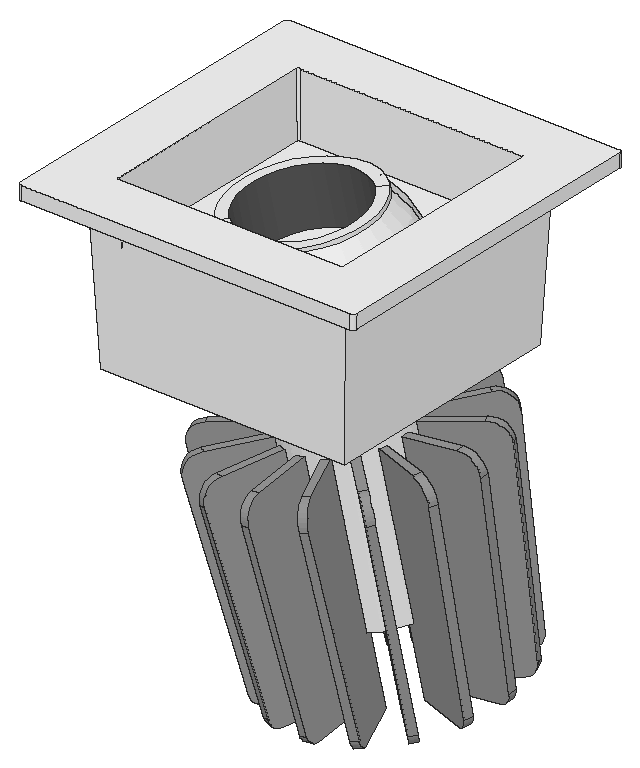
Revit family "2056224 Sylvania Lighting Fixture MYD ADJ SQ WHT 3K PHDIM WHT BEZ", category Lighting Fixtures, host Face, Revit 2016
Family settings
  Host = Face
  Part Type = Normal
  Round Connector Dimension = Use Diameter
  OmniClass Number = 23.80.70.00
  OmniClass Title = Lighting
  Cut with Voids When Loaded = Yes
  Light Source = No
  Shared = No
  Room Calculation Point = No
Parameters (values of type "2056224 MYD ADJ SQ WHT 3K PHDIM WHT BEZ")
  WidthCutOut_SYL = 72 mm
  Width_SYL = 86 mm
  WidthBezel_SYL = 7 mm
  Weight = "0.38 kg"
  Wattage Comments = "n/a"
  WarrantyStartDate [instance] = "n/a"
  WarrantyGuarantorParts = "n/a"
  WarrantyDurationUnit = "n/a"
  WarrantyDurationParts = "n/a"
  WarrantyDescription = "n/a"
  Voltage = 0 V
  VerticalTiltStart_FEILO [instance] = VerticalTilt_FEILO + 90.00°  # 135.00°
  VerticalTilt_FEILO [instance] = 45.00°
  URL = "http://www.sylvania-lighting.com"
  TypeName = "MYD ADJ SQ WHT 3K PHDIM WHT BEZ"
  TypeLamp_SYL = Myriad Adjustable Square Lamp : 2056224 MYD ADJ SQ WHT 3K PHDIM WHT BEZ
  Type Image = <None>
  Type Comments = "n/a"
  SphereRadius_FEILO = 31 mm
  SerialNumber [instance] = "n/a"
  Material_3_SYL = none
  PowerFactor = 0
  PowerConsumption = "10 W"
  NominalLength = 0 mm
  NominalHeight = 115 mm
  NominalDepth = 76 mm
  Name = "MYD ADJ SQ WHT 3K PHDIM WHT BEZ"
  ModelReference = Name  # "MYD ADJ SQ WHT 3K PHDIM WHT BEZ"
  ModelNumber = "2056224"
  Model = Name  # "MYD ADJ SQ WHT 3K PHDIM WHT BEZ"
  Material = "polycarbonate housing"
  ManufacturerName = "Feilo Sylvania"
  Manufacturer = "Feilo Sylvania"
  LuminousEfficacy = "70 lm/W"
  LuminaireType = ""
  LightOutputRatio = "100"
  LampsType = Lamp  # "LED"
  LampNominalLuminous = "702 lm"
  LampMacAdamStep = "n/a"
  LampColourTemperature = "3000 K"
  LampColourRenderingIndex = "85"
  Lamp = "LED"
  Keynote = "16500"
  InstallationDate [instance] = "n/a"
  InputVoltage = "n/a"
  InputNominalFrequency = "n/a"
  IngressProtection = "IP20"
  ImpactProtectionIndex = "IK02"
  IfcExportType = "IfcLightFixtureType"
  IfcExportAs = "IfcLightFixtureType"
  HorizontalTilt_FEILO [instance] = 10.00°
  HeightVoid_SYL = 16 mm
  HeightTop_SYL = 40 mm
  HeightBezel_SYL = 3.5 mm
  ExpectedLife = 50000
  ElectricShockClassification = "Class II"
  DurationUnit = "hours"
  DraftIn_SYL = tan(DraftAngle_SYL) * HeightVoid_SYL  # 0.699 mm
  DraftOut_SYL = tan(DraftAngle_SYL) * HeightTop_SYL  # 1.746 mm
  DraftAngle_SYL = 2.50°
  DocumentationLiterature = "http://www.sylvania-lighting.com/product/en-int/products/2056224"
  DimmingControlOptions = "n/a"
  Material_2_SYL = none
  Description = "MYD ADJ SQ WHT 3K PHDIM WHT BEZ"
  Default Elevation = 1219.2 mm
  CreatedOn = "9/11/2018"
  CreatedBy = "@sylvania-lighting.com"
  Cost = 0
  built-in parameter 1114216 [instance] = (empty or 0)
  ClassificationValue = "EF_70_80"
  ClassificationName = "Uniclass2015"
  Material_1_SYL = Body-Sylvania-MyriadAdjustableRound-White
  BarCode [instance] = "n/a"
  AssetType = "Fixed"
  AssetIdentifier [instance] = "n/a"
  Assembly Code = "D5020200"
  Apparent Load = 10 VA
  Material_4_SYL = Body-Sylvania-MyriadAdjustableRound-White
Reference planes
  plane 1 "Center (Front/Back)": y = 0
  plane 2: z = 0
  plane 3 "Center (Left/Right)": x = 0
  plane 4: z = 3.5
  plane 5: z = -12.5
  plane 6: z = -24.5
  plane 7: x = -36
  plane 8: x = 36
  plane 9: x = -43
  plane 10: x = 43
  plane 11: x = -33
  plane 12: x = -31.254
  plane 13: x = 33
  plane 14: x = 31.254
  plane 15: y = 43
  plane 16: y = -43
  plane 17: y = 36
  plane 18: y = -36
  plane 19: y = -33
  plane 20: y = 33
  plane 21: y = 31.254
  plane 22: y = -31.254
  plane 23: z = -40
  plane 24: z = -130
  plane 25: y = 29
  plane 26: x = -29
  plane 27: x = 29
  plane 28: y = -29
  plane 29: x = -28.301
  plane 30: y = 28.301
  plane 31: x = 28.301
  plane 32: y = -28.301
  plane 33: x = -42.5
  plane 34: z = 3
Forms (mm)
  Revolve 1, solid, not visible
    sketch origin (0, 0, 0) x (1, 0, 0) y (0, 0, 1)
      loop
        line (0, -24.5) -> (2.4, -24.5) -> (2.4, -12.5) -> (0, -12.5) -> (0, -24.5)
      axis (0, -12.5) -> (0, -24.5)
    angle from 135 <- "VerticalTiltStart_FEILO" to 45 <- "VerticalTilt_FEILO"
  Extrusion 2, void
    sketch origin (0, 0, 0) x (1, 0, 0) y (0, 1, 0)
      loop
        line (-36, 36) -> (-36, -36) -> (36, -36) -> (36, 36) -> (-36, 36)
    from 0 to -130
  Extrusion 3, solid, material "Body-Sylvania-MyriadAdjustableRound-White" <- "Material_1_SYL"
    sketch origin (0, 0, 0) x (1, 0, 0) y (0, 1, 0)
      loop
        arc (-42, 43) -> (-42.707, 42.707) -> (-43, 42) r 1
        line (-43, 42) -> (-43, -42)
        arc (-43, -42) -> (-42.707, -42.707) -> (-42, -43) r 1
        line (-42, -43) -> (42, -43)
        arc (42, -43) -> (42.707, -42.707) -> (43, -42) r 1
        line (43, -42) -> (43, 42)
        arc (43, 42) -> (42.707, 42.707) -> (42, 43) r 1
        line (42, 43) -> (-42, 43)
    from 0 to 3.5
  Blend 4, solid, material "Body-Sylvania-MyriadAdjustableRound-White" <- "Material_1_SYL"
    base sketch origin (0, 0, 0) x (1, 0, 0) y (0, 1, 0)
      loop
        line (-33, 33) -> (-33, -33) -> (33, -33) -> (33, 33) -> (-33, 33)
    top sketch origin (0, 0, 0) x (1, 0, 0) y (0, 1, 0)
      loop
        line (-31.254, 31.254) -> (-31.254, -31.254) -> (31.254, -31.254) -> (31.254, 31.254) -> (-31.254, 31.254)
    from 0 to -40
  Blend 5, void
    base sketch origin (1223.4, -4572, 3.5) x (-1, 0, 0) y (0, -1, 0)
      loop
        arc (1251.727, -4601) -> (1252.203, -4600.803) -> (1252.4, -4600.327) r 0.673
        line (1252.4, -4600.327) -> (1252.4, -4543.673)
        arc (1252.4, -4543.673) -> (1252.203, -4543.197) -> (1251.727, -4543) r 0.673
        line (1251.727, -4543) -> (1195.073, -4543)
        arc (1195.073, -4543) -> (1194.597, -4543.197) -> (1194.4, -4543.673) r 0.673
        line (1194.4, -4543.673) -> (1194.4, -4600.327)
        arc (1194.4, -4600.327) -> (1194.597, -4600.803) -> (1195.073, -4601) r 0.673
        line (1195.073, -4601) -> (1251.727, -4601)
    top sketch origin (1223.4, -4572, 3.5) x (-1, 0, 0) y (0, -1, 0)
      loop
        arc (1251.201, -4600.301) -> (1251.555, -4600.155) -> (1251.701, -4599.801) r 0.5
        line (1251.701, -4599.801) -> (1251.701, -4544.199)
        arc (1251.701, -4544.199) -> (1251.555, -4543.845) -> (1251.201, -4543.699) r 0.5
        line (1251.201, -4543.699) -> (1195.638, -4543.699)
        arc (1195.638, -4543.699) -> (1195.257, -4543.857) -> (1195.099, -4544.238) r 0.539
        line (1195.099, -4544.238) -> (1195.099, -4599.801)
        arc (1195.099, -4599.801) -> (1195.245, -4600.155) -> (1195.599, -4600.301) r 0.5
        line (1195.599, -4600.301) -> (1251.201, -4600.301)
    from 0 to -16
  Revolve 6, void
    sketch origin (0, 0, 0) x (1, 0, 0) y (0, 0, 1)
      loop
        arc (0, 5.853) -> (-24.7, -24.5) -> (0, -54.853) r 31
        line (0, -54.853) -> (0, 5.853)
      axis (0, 5.853) -> (0, -54.853)
    angle from 360 to 0
Cuts and joins
  Blend 5 cuts Extrusion 3
  Blend 5, Revolve 6 cuts Blend 4
  joined: Extrusion 3, Blend 4
Lines and regions (mm)
  reference lines
    curve 1: circle (6.3, 0, -24.5) r 31 normal (0, -1, 0)
Dimensions and locks
  "HeightBezel_SYL": plane 4 to plane 2
  locked: plane 5 to plane 6 at 12
  equal spacing: plane 9, plane 3 "Center (Left/Right)", plane 10
  equal spacing: plane 16, plane 1 "Center (Front/Back)", plane 15
  "Width_SYL": plane 16 to plane 15
  "Width_SYL": plane 9 to plane 10
  equal spacing: plane 7, plane 3 "Center (Left/Right)", plane 8
  "WidthCutOut_SYL": plane 7 to plane 8
  equal spacing: plane 18, plane 1 "Center (Front/Back)", plane 17
  "WidthCutOut_SYL": plane 18 to plane 17
  equal spacing: plane 11, plane 3 "Center (Left/Right)", plane 13
  equal spacing: plane 19, plane 1 "Center (Front/Back)", plane 20
  locked: plane 18 to plane 19 at 3
  locked: plane 7 to plane 11 at 3
  equal spacing: plane 12, plane 3 "Center (Left/Right)", plane 14
  "DraftOut_SYL": plane 11 to plane 12
  equal spacing: plane 22, plane 1 "Center (Front/Back)", plane 21
  "DraftOut_SYL": plane 19 to plane 22
  "HeightTop_SYL": plane 2 to plane 23
  locked: plane 2 to plane 24 at 130
  equal spacing: plane 26, plane 3 "Center (Left/Right)", plane 27
  equal spacing: plane 28, plane 1 "Center (Front/Back)", plane 25
  "WidthBezel_SYL": plane 25 to plane 17
  "WidthBezel_SYL": plane 7 to plane 26
  equal spacing: plane 29, plane 3 "Center (Left/Right)", plane 31
  "DraftIn_SYL": plane 26 to plane 29
  equal spacing: plane 32, plane 1 "Center (Front/Back)", plane 30
  "DraftIn_SYL": plane 28 to plane 32
  "HeightVoid_SYL": plane 4 to plane 5
  locked: plane 33 to plane 9 at 0.5
  locked: plane 4 to plane 34 at 0.5
  curve 1 to plane 3 "Center (Left/Right)" = 6.3 mm
  "SphereRadius_FEILO": radius of curve 1
  aligned and locked: plane 2 to host face
  aligned and locked: level to host face
  aligned and locked: plane 6 to Revolve 1 sketch curve
  aligned and locked: Revolve 1 sketch curve to plane 3 "Center (Left/Right)"  (x2)
  aligned and locked: Revolve 1 sketch curve to plane 5
  aligned and locked: plane 17 to Extrusion 2 sketch curve
  aligned and locked: Extrusion 2 sketch curve to plane 18
  aligned and locked: Extrusion 2 sketch curve to plane 8
  aligned and locked: plane 7 to Extrusion 2 sketch curve
  aligned and locked: plane 24 to Extrusion 2
  aligned and locked: level to Extrusion 2
  aligned and locked: plane 15 to Extrusion 3 sketch curve
  aligned and locked: plane 9 to Extrusion 3 sketch curve
  aligned and locked: Extrusion 3 sketch curve to plane 16
  aligned and locked: Extrusion 3 sketch curve to plane 10
  aligned and locked: Extrusion 3 to plane 4
  aligned and locked: Extrusion 3 to level
  aligned and locked: plane 20 to Blend 4 sketch curve
  aligned and locked: Blend 4 sketch curve to plane 19
  aligned and locked: Blend 4 sketch curve to plane 13
  aligned and locked: plane 11 to Blend 4 sketch curve
  aligned and locked: plane 21 to Blend 4 sketch curve
  aligned and locked: plane 12 to Blend 4 sketch curve
  aligned and locked: Blend 4 sketch curve to plane 22
  aligned and locked: Blend 4 sketch curve to plane 14
  aligned and locked: plane 23 to Blend 4
  aligned and locked: level to Blend 4
  aligned and locked: nested 1 to plane 6
  aligned and locked: plane 25 to Blend 5 sketch curve
  aligned and locked: plane 26 to Blend 5 sketch curve
  aligned and locked: Blend 5 sketch curve to plane 28
  aligned and locked: Blend 5 sketch curve to plane 27
  aligned and locked: plane 30 to Blend 5 sketch curve
  aligned and locked: plane 29 to Blend 5 sketch curve
  aligned and locked: Blend 5 sketch curve to plane 32
  aligned and locked: Blend 5 sketch curve to plane 31
  aligned and locked: plane 5 to Blend 5
  aligned and locked: Blend 5 to plane 4
  aligned and locked: plane 6 to curve 1
  aligned and locked: Revolve 6 sketch curve to plane 3 "Center (Left/Right)"
Automatic sketch dimensions
  host sketch curve to host sketch curve = 2438.4 mm  (x2)
  Revolve 1 sketch curve to plane 4 = 2605.558 mm
  plane 3 "Center (Left/Right)" to Revolve 1 sketch curve = 2.4 mm
  plane 6 to Revolve 1 sketch curve = 577.6 mm
  plane 9 to Extrusion 3 sketch curve = 1 mm
  Extrusion 3 sketch curve to Extrusion 3 sketch curve = 1 mm
  Extrusion 3 sketch curve to plane 10 = 1 mm  (x2)
  plane 31 to Blend 5 sketch curve = 0.026 mm  (x2)
  Blend 5 sketch curve to plane 29 = 0.026 mm  (x2)
  Blend 5 sketch curve to Blend 5 sketch curve = 0.5 mm
  Blend 5 sketch curve to Blend 5 sketch curve = 0.539 mm
  plane 29 to Blend 5 sketch curve = 0.5 mm  (x2)
  plane 24 to Revolve 6 sketch curve = 479.6 mm
  Revolve 6 sketch curve to plane 4 = 2605.558 mm
  Revolve 6 sketch curve to plane 3 "Center (Left/Right)" = 0 mm
  Revolve 6 sketch curve to plane 6 = 0 mm
  plane 3 "Center (Left/Right)" to Revolve 6 sketch curve = 6.3 mm
  Revolve 6 sketch curve to plane 4 = 2.353 mm
Nested families
  nested 1: "Myriad Adjustable Square Rotation Feature" at (-0.473, 0.473, -24.5) x (-0.7071, 0.7071, 0) z (-0.7071, -0.7071, 0), HorizontalAxis <- "HorizontalTilt_FEILO", type "Myriad Adjustable Square Rotation Feature"
    with HorizontalAxis 10.00°, EndAngle 100.00°
  nested 2: "Myriad Adjustable Square Lamp" at (0, 0, -24.5) x (0.6964, 0.6964, 0.1736) z (0.1228, 0.1228, -0.9848), type <- "TypeLamp_SYL", type "2056224 MYD ADJ SQ WHT 3K PHDIM WHT BEZ"
Connectors
  electrical at (0, 0, 0), driven by "Apparent Load", driven by "PowerFactor", driven by "Voltage"
    settings: index 1, voltage 0 V, apparent load 10 VA, apparent load phase1 0 VA, apparent load phase2 0 VA, apparent load phase3 0 VA, power factor 0, load classification "Lighting", number of poles 1, system type 30, power factor state 1, is connector primary yes, connector utility no, sub classification motor no, connector description ""
Definition of nested family "Myriad Adjustable Square Rotation Feature"
  Parameters (values of type "Myriad Adjustable Square Rotation Feature")
    URL = "http://www.sylvania-lighting.com"
    Type Comments = "n/a"
    Model = "n/a"
    Manufacturer = "Feilo Sylvania"
    Keynote = "n/a"
    HorizontalAxis [instance] = 0.00°
    EndAngle [instance] = HorizontalAxis + 90.00°  # 90.00°
    Description = "n/a"
    Default Elevation = 1219.2 mm
    Cost = 0
    Assembly Code = "n/a"
  Reference planes
    plane 1 "Center (Front/Back)": y = 0
    plane 2: z = 0
    plane 3 "Center (Left/Right)": x = 0
    plane 4: z = 10
    plane 5: x = -10
    plane 6: x = 10
  Forms (mm)
    Extrusion 1, solid
      sketch origin (-0.8, 0, 0) x (1, 0, 0) y (0, 1, 0)
        loop
          line (-1219.2, 1219.2) -> (-1219.2, -1219.2) -> (1219.2, -1219.2) -> (1219.2, 1219.2) -> (-1219.2, 1219.2)
      from 0 to -304.8
    Revolve 2, solid
      sketch origin (0, 0, 0) x (1, 0, 0) y (0, 0, 1)
        loop
          line (-10, 10) -> (-10, 0) -> (10, 0) -> (10, 10) -> (-10, 10)
        axis (-10, 0) -> (10, 0)
      angle from 0 <- "HorizontalAxis" to 90 <- "EndAngle"
  Dimensions and locks
    plane 4 to plane 2 = 10 mm
    aligned and locked: plane 2 to Extrusion 1
    aligned and locked: level to Extrusion 1
    aligned and locked: Revolve 2 sketch curve to plane 4
    aligned and locked: plane 5 to Revolve 2 sketch curve
    aligned and locked: Extrusion 1 to Revolve 2 sketch curve
    aligned and locked: Revolve 2 sketch curve to plane 2
    aligned and locked: Revolve 2 sketch curve to plane 6
Definition of nested family "Myriad Adjustable Square Lamp"
  Parameters (values of type "2058044 MYSQ AD BLK 2.7K DALI SIL BZ")
    Wattage = 10 W
    built-in parameter 1150110 = 1 (stored number, unit not read)
    URL = "http://www.sylvania-lighting.com"
    Type Comments = "n/a"
    built-in parameter 1114217 = 1 (stored number, unit not read)
    Tilt Angle = 90.00°
    built-in parameter 1150109 = 1 (stored number, unit not read)
    built-in parameter 1150134 = (empty or 0)
    built-in parameter 1150113 = 1 (stored number, unit not read)
    SphereRadius_SYL = 31 mm
    RimHeight_SYL = 1 mm
    Material_3_SYL = none
    Photometric Web File = "2058044.ies"
    Model = "MYSQ AD BLK 2.7K DALI SIL BZ"
    Manufacturer = "Feilo Sylvania"
    built-in parameter 1150105 = 54.113 (stored number, unit not read)
    Lumens = 680 lm
    built-in parameter 1150115 = 1 (stored number, unit not read)
    built-in parameter 1150137 = (empty or 0)
    built-in parameter 1150139 = (empty or 0)
    built-in parameter 1150112 = 1 (stored number, unit not read)
    built-in parameter 1150114 = 1 (stored number, unit not read)
    Lamp = "LED"
    Keynote = "16500"
    built-in parameter 1150132 = (empty or 0)
    built-in parameter 1150102 = (empty or 0)
    built-in parameter 1150107 = 2700 (stored number, unit not read)
    built-in parameter 1150138 = (empty or 0)
    built-in parameter 1150106 = 0.54113 (stored number, unit not read)
    Emit from Circle Diameter = 30 mm
    Emit Shape Visible in Rendering = no
    built-in parameter 1150104 = 6.3174 (stored number, unit not read)
    Dimming Lamp Color Temperature Shift = (empty or 0)
    Material_2_SYL = none
    Description = "Myriad Adjustable Square 2700K DALI black interior with silver bezel"
    Default Elevation = 1219.2 mm
    Cost = 0
    Color Filter = 16777215
    Material_1_SYL = none
    built-in parameter 1114218 = 1 (stored number, unit not read)
    built-in parameter 1150133 = 10 (stored number, unit not read)
    Assembly Code = "D5020200"
    Material_4_SYL = none
    Apparent Load = 10 VA
  Types (24, lengths in mm): name | built-in parameter 1150134 | Photometric Web File | Model | built-in parameter 1150105 | Lumens | built-in parameter 1150107 | built-in parameter 1150106 | built-in parameter 1150104 | Description
    2058044 MYSQ AD BLK 2.7K DALI SIL BZ | (empty or 0) | "2058044.ies" | "MYSQ AD BLK 2.7K DALI SIL BZ" | 54.113 (stored number, unit not read) | 680 lm | 2700 (stored number, unit not read) | 0.54113 (stored number, unit not read) | 6.3174 (stored number, unit not read) | "Myriad Adjustable Square 2700K DALI black interior with silver bezel"
    2058043 MYSQ AD BLK 2.7K PHDIM SIL BZ | (empty or 0) | "2058043.ies" | "MYSQ AD BLK 2.7K PHDIM SIL BZ" | 54.113 (stored number, unit not read) | 680 lm | 2700 (stored number, unit not read) | 0.54113 (stored number, unit not read) | 6.3174 (stored number, unit not read) | "Myriad Adjustable Square 2700K Phase dimmable black interior with silver bezel"
    2058042 MYSQ AD BLK 2.7K DALI WHT BZ | (empty or 0) | "2058042.ies" | "MYSQ AD BLK 2.7K DALI WHT BZ" | 54.113 (stored number, unit not read) | 680 lm | 2700 (stored number, unit not read) | 0.54113 (stored number, unit not read) | 6.3174 (stored number, unit not read) | "Myriad Adjustable Square 2700K DALI black interior with white bezel"
    2058041 MYSQ AD BLK 2.7K PHDIM WHT BZ | (empty or 0) | "2058041.ies" | "MYSQ AD BLK 2.7K PHDIM WHT BZ" | 45.359 (stored number, unit not read) | 570 lm | 2700 (stored number, unit not read) | 0.45359 (stored number, unit not read) | 5.2955 (stored number, unit not read) | "Myriad Adjustable Square 2700K Phase dimmable black interior with white bezel"
    2058040 MYSQ AD WHT 2.7K DALI SIL BZ | (empty or 0) | "2058040.ies" | "MYSQ AD WHT 2.7K DALI SIL BZ" | 45.359 (stored number, unit not read) | 570 lm | 2700 (stored number, unit not read) | 0.45359 (stored number, unit not read) | 5.2955 (stored number, unit not read) | "Myriad Adjustable Square 2700K DALI White interior with silver bezel."
    2058039 MYSQ AD WHT 2.7K PHDIM SIL BZ | (empty or 0) | "2058039.ies" | "MYSQ AD WHT 2.7K PHDIM SIL BZ" | 54.113 (stored number, unit not read) | 680 lm | 2700 (stored number, unit not read) | 0.54113 (stored number, unit not read) | 6.3174 (stored number, unit not read) | "MYSQ AD WHT 2.7K PHDIM SIL BZ"
    2058038 MYSQ AD WHT 2.7K DALI WHT BZ | (empty or 0) | "2058038.ies" | "MYSQ AD WHT 2.7K DALI WHT BZ" | 54.113 (stored number, unit not read) | 680 lm | 2700 (stored number, unit not read) | 0.54113 (stored number, unit not read) | 6.3174 (stored number, unit not read) | "MYSQ AD WHT 2.7K DALI WHT BZ"
    2058037 MYSQ AD WHT 2.7K PHDIM WHT BZ | (empty or 0) | "2058037.ies" | "MYSQ AD WHT 2.7K PHDIM WHT BZ" | 54.113 (stored number, unit not read) | 680 lm | 2700 (stored number, unit not read) | 0.54113 (stored number, unit not read) | 6.3174 (stored number, unit not read) | "Myriad Adjustable SQ White 2,7K Phase dim White Bezel"
    2056239 MYD ADJ SQ BLK 4K DALI SIL BEZ | 12 | "2056239.ies" | "MYD ADJ SQ BLK 4K DALI SIL BEZ" | 54.113 (stored number, unit not read) | 680 lm | 4000 (stored number, unit not read) | 0.54113 (stored number, unit not read) | 6.3174 (stored number, unit not read) | "MYD ADJ SQ BLK 4K DALI SIL BEZ"
    2056238 MYR ADJ SQ BLK 4K PHDIM SIL BEZ | 12 | "2056238.ies" | "MYR ADJ SQ BLK 4K PHDIM SIL BEZ" | 54.113 (stored number, unit not read) | 680 lm | 4000 (stored number, unit not read) | 0.54113 (stored number, unit not read) | 6.3174 (stored number, unit not read) | "MYR ADJ SQ BLK 4K PHDIM SIL BEZ"
    2056237 MYD ADJ SQ BLK 4K DALI WHT BEZ | 12 | "2056237.ies" | "MYD ADJ SQ BLK 4K DALI WHT BEZ" | 54.113 (stored number, unit not read) | 680 lm | 4000 (stored number, unit not read) | 0.54113 (stored number, unit not read) | 6.3174 (stored number, unit not read) | "MYD ADJ SQ BLK 4K DALI WHT BEZ"
    2056236 MYD ADJ SQ BLK 4K PHDIM WHT BEZ | 12 | "2056236.ies" | "MYD ADJ SQ BLK 4K PHDIM WHT BEZ" | 54.113 (stored number, unit not read) | 680 lm | 4000 (stored number, unit not read) | 0.54113 (stored number, unit not read) | 6.3174 (stored number, unit not read) | "MYD ADJ SQ BLK 4K PHDIM WHT BEZ"
    2056235 MYD ADJ SQ BLK 3K DALI SIL BEZ | (empty or 0) | "2056235.ies" | "MYD ADJ SQ BLK 3K DALI SIL BEZ" | 55.704 (stored number, unit not read) | 700 lm | 3000 (stored number, unit not read) | 0.55704 (stored number, unit not read) | 6.5032 (stored number, unit not read) | "MYD ADJ SQ BLK 3K DALI SIL BEZ"
    2056234 MYD ADJ SQ BLK 3K PHDIM SILBEZ | (empty or 0) | "2056234.ies" | "MYD ADJ SQ BLK 3K PHDIM SILBEZ" | 55.704 (stored number, unit not read) | 700 lm | 3000 (stored number, unit not read) | 0.55704 (stored number, unit not read) | 6.5032 (stored number, unit not read) | "MYD ADJ SQ BLK 3K PHDIM SILBEZ"
    2056233 MYD ADJ SQ BLK 3K DALI WHT BEZ | (empty or 0) | "2056233.ies" | "MYD ADJ SQ BLK 3K DALI WHT BEZ" | 55.704 (stored number, unit not read) | 700 lm | 3000 (stored number, unit not read) | 0.55704 (stored number, unit not read) | 6.5032 (stored number, unit not read) | "MYD ADJ SQ BLK 3K DALI WHT BEZ"
    2056232 MYD ADJ SQ BLK 3K PHDIM WHT BEZ | (empty or 0) | "2056232.ies" | "MYD ADJ SQ BLK 3K PHDIM WHT BEZ" | 55.704 (stored number, unit not read) | 700 lm | 3000 (stored number, unit not read) | 0.55704 (stored number, unit not read) | 6.5032 (stored number, unit not read) | "MYD ADJ SQ BLK 3K PHDIM WHT BEZ"
    2056231 MYD ADJ SQ WHT 4K DALI SIL BEZ | 12 | "2056231.ies" | "MYD ADJ SQ WHT 4K DALI SIL BEZ" | 54.113 (stored number, unit not read) | 680 lm | 4000 (stored number, unit not read) | 0.54113 (stored number, unit not read) | 6.3174 (stored number, unit not read) | "MYD ADJ SQ WHT 4K DALI SIL BEZ"
    2056230 MYD ADJ SQ WHT 4K PHDIM SIL BEZ | 12 | "2056230.ies" | "MYD ADJ SQ WHT 4K PHDIM SIL BEZ" | 54.113 (stored number, unit not read) | 680 lm | 4000 (stored number, unit not read) | 0.54113 (stored number, unit not read) | 6.3174 (stored number, unit not read) | "Myriad Adjustable Square 4000K phase dimmable white with silver bezel"
    2056229 MYD ADJ SQ WHT 4K DALI WHT BEZ | 12 | "2056229.ies" | "MYD ADJ SQ WHT 4K DALI WHT BEZ" | 54.113 (stored number, unit not read) | 680 lm | 4000 (stored number, unit not read) | 0.54113 (stored number, unit not read) | 6.3174 (stored number, unit not read) | "MYD ADJ SQ WHT 4K DALI WHT BEZ"
    2056228 MYD ADJ SQ WHT 4K PHDIM WHT BEZ | 12 | "2056228.ies" | "MYD ADJ SQ WHT 4K PHDIM WHT BEZ" | 54.113 (stored number, unit not read) | 680 lm | 4000 (stored number, unit not read) | 0.54113 (stored number, unit not read) | 6.3174 (stored number, unit not read) | "MYD ADJ SQ WHT 4K PHDIM WHT BEZ"
    2056227 MYD ADJ SQ WHT 3K DALI SIL BEZ | (empty or 0) | "2056227.ies" | "MYD ADJ SQ WHT 3K DALI SIL BEZ" | 55.704 (stored number, unit not read) | 700 lm | 3000 (stored number, unit not read) | 0.55704 (stored number, unit not read) | 6.5032 (stored number, unit not read) | "MYD ADJ SQ WHT 3K DALI SIL BEZ"
    2056226 MYD ADJ SQ WHT 3K PHDIM SIL BEZ | (empty or 0) | "2056226.ies" | "MYD ADJ SQ WHT 3K PHDIM SIL BEZ" | 55.704 (stored number, unit not read) | 700 lm | 3000 (stored number, unit not read) | 0.55704 (stored number, unit not read) | 6.5032 (stored number, unit not read) | "MYD ADJ SQ WHT 3K PHDIM SIL BEZ"
    2056225 MYD ADJ SQ WHT 3K DALI WHT BEZ | (empty or 0) | "2056225.ies" | "MYD ADJ SQ WHT 3K DALI WHT BEZ" | 55.704 (stored number, unit not read) | 700 lm | 3000 (stored number, unit not read) | 0.55704 (stored number, unit not read) | 6.5032 (stored number, unit not read) | "MYD ADJ SQ WHT 3K DALI WHT BEZ"
    2056224 MYD ADJ SQ WHT 3K PHDIM WHT BEZ | (empty or 0) | "2056224.ies" | "MYD ADJ SQ WHT 3K PHDIM WHT BEZ" | 55.704 (stored number, unit not read) | 700 lm | 3000 (stored number, unit not read) | 0.55704 (stored number, unit not read) | 6.5032 (stored number, unit not read) | "MYD ADJ SQ WHT 3K PHDIM WHT BEZ"
  Reference planes
    plane 1 "Center (Front/Back)": y = 0
    plane 2: z = 0
    plane 3 "Center (Left/Right)": x = 0
    plane 4: x = -35
    plane 5: x = -12
    plane 6: x = -15
    plane 7: x = -25
    plane 8: x = -17.8
    plane 9: z = -19.5
    plane 10: z = 19.5
    plane 11: z = 30.5
    plane 12: z = 71.5
    plane 13: z = 90.5
    plane 14: z = 0
    plane 15: z = -5.5
    plane 16: x = -30
    plane 17: z = -20.5
  Forms (mm)
    Extrusion 1, solid
      sketch origin (-0.8, 0, 0) x (1, 0, 0) y (0, 1, 0)
        loop
          line (-1219.2, 1219.2) -> (-1219.2, -1219.2) -> (1219.2, -1219.2) -> (1219.2, 1219.2) -> (-1219.2, 1219.2)
      from 0 to -304.8
    Revolve 2, solid, material <- "Material_1_SYL"
      sketch origin (0, 0, 0) x (1, 0, 0) y (0, 0, 1)
        loop
          line (-15, -20.5) -> (-15, -5.5) -> (0, -5.5) -> (0, 30.5) -> (-12, 30.5) -> (-12, 71.5) -> (-15, 71.5) -> (-15, 19.5) -> (-17.8, 19.5)
          arc (-17.8, 19.5) -> (-24.701, 0) -> (-17.8, -19.5) r 31
          line (-17.8, -19.5) -> (-17.8, -20.5) -> (-15, -20.5)
        axis (0, 71.5) -> (0, -20.5)
      angle from 0 to 360
    Revolve 3, solid, material <- "Material_1_SYL", detail levels coarse+medium
      sketch origin (0, 0, 0) x (1, 0, 0) y (0, 0, 1)
        loop
          line (0, 30.5) -> (0, 90.5) -> (-30, 90.5) -> (-35, 30.5) -> (0, 30.5)
        axis (0, 90.5) -> (0, 30.5)
      angle from 0 to 360
  Lines and regions (mm)
    reference lines
      curve 1: line (0, 0, 0) -> (-32.336, 13.394, 0)
      curve 2: circle (0, 0, 0) r 35 normal (0, 0, 1)
      curve 3: line (0, 0, 0) -> (-24.749, 24.749, 0)
      curve 4: line (0, 0, 0) -> (-13.394, 32.336, 0)
      curve 5: line (0, 0, 0) -> (13.394, 32.336, 0)
      curve 6: line (0, 0, 0) -> (24.749, 24.749, 0)
      curve 7: line (0, 0, 0) -> (32.336, 13.394, 0)
      curve 8: line (0, 0, 0) -> (32.336, -13.394, 0)
      curve 9: line (0, 0, 0) -> (24.749, -24.749, 0)
      curve 10: line (0, 0, 0) -> (13.394, -32.336, 0)
      curve 11: line (0, 0, 0) -> (-13.394, -32.336, 0)
      curve 12: line (0, 0, 0) -> (-24.749, -24.749, 0)
      curve 13: line (0, 0, 0) -> (-32.336, -13.394, 0)
  Dimensions and locks
    locked: plane 3 "Center (Left/Right)" to plane 4 at 35
    locked: plane 3 "Center (Left/Right)" to plane 5 at 12
    locked: plane 3 "Center (Left/Right)" to plane 6 at 15
    locked: plane 3 "Center (Left/Right)" to plane 7 at 25
    locked: plane 3 "Center (Left/Right)" to plane 8 at 17.8
    equal spacing: plane 10, plane 14, plane 9
    locked: plane 3 "Center (Left/Right)" to plane 16 at 30
    "RimHeight_SYL": plane 9 to plane 17
    locked: plane 15 to plane 17 at 15
    locked: plane 10 to plane 17 at 40
    locked: plane 11 to plane 17 at 51
    locked: plane 12 to plane 17 at 92
    locked: plane 13 to plane 17 at 111
    radius of curve 2 = 35 mm
    "SphereRadius_SYL": radius of Revolve 2 sketch curve
    angle curve 3 to plane 1 "Center (Front/Back)" = 45.00°
    angle curve 4 to plane 1 "Center (Front/Back)" = 67.50°
    angle plane 1 "Center (Front/Back)" to curve 5 = 67.50°
    angle plane 1 "Center (Front/Back)" to curve 6 = 45.00°
    angle plane 1 "Center (Front/Back)" to curve 7 = 22.50°
    angle curve 8 to plane 1 "Center (Front/Back)" = 22.50°
    angle curve 9 to plane 1 "Center (Front/Back)" = 45.00°
    angle curve 10 to plane 1 "Center (Front/Back)" = 67.50°
    angle curve 11 to plane 3 "Center (Left/Right)" = 22.50°
    angle curve 12 to plane 3 "Center (Left/Right)" = 45.00°
    angle curve 13 to plane 3 "Center (Left/Right)" = 67.50°
    aligned and locked: plane 2 to Extrusion 1
    aligned and locked: level to Extrusion 1
    aligned and locked: Revolve 2 sketch curve to plane 3 "Center (Left/Right)"  (x2)
    aligned and locked: plane 8 to Revolve 2 sketch curve  (x2)
    aligned and locked: plane 10 to Revolve 2 sketch curve
    aligned and locked: plane 6 to Revolve 2 sketch curve  (x2)
    aligned and locked: plane 12 to Revolve 2 sketch curve
    aligned and locked: Revolve 2 sketch curve to plane 5
    aligned and locked: plane 3 "Center (Left/Right)" to Revolve 2 sketch curve
    aligned and locked: plane 11 to Revolve 2 sketch curve
    aligned and locked: plane 3 "Center (Left/Right)" to curve 1
    aligned and locked: plane 3 "Center (Left/Right)" to curve 2
    aligned and locked: Revolve 3 sketch curve to plane 3 "Center (Left/Right)"
    aligned and locked: plane 13 to Revolve 3 sketch curve
    aligned and locked: plane 14 to level
    aligned and locked: plane 17 to Revolve 2 sketch curve
    aligned and locked: plane 15 to Revolve 2 sketch curve
    aligned and locked: imposter light to plane 1 "Center (Front/Back)"
    aligned and locked: plane 3 "Center (Left/Right)" to imposter light
    aligned and locked: plane 1 "Center (Front/Back)" to nested 1
    aligned and locked: plane 3 "Center (Left/Right)" to nested 1
    aligned and locked: imposter light to plane 15
  Automatic sketch dimensions
    Extrusion 1 sketch curve to Extrusion 1 sketch curve = 2438.4 mm  (x2)
    plane 1 "Center (Front/Back)" to curve 2 = 0 mm
    plane 1 "Center (Front/Back)" to curve 11 = 0 mm
    curve 1 to plane 16 = 2.336 mm
    Revolve 3 sketch curve to level = 609.6 mm
    Revolve 3 sketch curve to Revolve 3 sketch curve = 2498.058 mm
    Revolve 3 sketch curve to plane 4 = 0 mm
    Revolve 3 sketch curve to plane 16 = 0 mm
    Revolve 3 sketch curve to plane 3 "Center (Left/Right)" = 0 mm
    Revolve 3 sketch curve to plane 11 = 0 mm
    Revolve 2 sketch curve to level = 0 mm
    Revolve 2 sketch curve to plane 17 = 588.1 mm
    Revolve 2 sketch curve to plane 13 = 2498.058 mm
  Nested families
    nested 1: "Myriad Rib" at (0, 0, -20.5), type "Myriad Rib", detail levels fine
    nested 2: "Myriad Rib" at (0, 0, -20.5) x (0.9239, -0.3827, 0) z (0, 0, 1), type "Myriad Rib", detail levels fine
    nested 3: "Myriad Rib" at (0, 0, -20.5) x (0.7071, -0.7071, 0) z (0, 0, 1), type "Myriad Rib", detail levels fine
    nested 4: "Myriad Rib" at (0, 0, -20.5) x (0.3827, -0.9239, 0) z (0, 0, 1), type "Myriad Rib", detail levels fine
    nested 5: "Myriad Rib" at (0, 0, -20.5) x (0, -1, 0) z (0, 0, 1), type "Myriad Rib", detail levels fine
    nested 6: "Myriad Rib" at (0, 0, -20.5) x (-0.3827, -0.9239, 0) z (0, 0, 1), type "Myriad Rib", detail levels fine
    nested 7: "Myriad Rib" at (0, 0, -20.5) x (-0.7071, -0.7071, 0) z (0, 0, 1), type "Myriad Rib", detail levels fine
    nested 8: "Myriad Rib" at (0, 0, -20.5) x (-0.9239, -0.3827, 0) z (0, 0, 1), type "Myriad Rib", detail levels fine
    nested 9: "Myriad Rib" at (0, 0, -20.5) x (-1, 0, 0) z (0, 0, 1), type "Myriad Rib", detail levels fine
    nested 10: "Myriad Rib" at (0, 0, -20.5) x (-0.9239, 0.3827, 0) z (0, 0, 1), type "Myriad Rib", detail levels fine
    nested 11: "Myriad Rib" at (0, 0, -20.5) x (-0.7071, 0.7071, 0) z (0, 0, 1), type "Myriad Rib", detail levels fine
    nested 12: "Myriad Rib" at (0, 0, -20.5) x (-0.3827, 0.9239, 0) z (0, 0, 1), type "Myriad Rib", detail levels fine
    nested 13: "Myriad Rib" at (0, 0, -20.5) x (0, 1, 0) z (0, 0, 1), type "Myriad Rib", detail levels fine
    nested 14: "Myriad Rib" at (0, 0, -20.5) x (0.3827, 0.9239, 0) z (0, 0, 1), type "Myriad Rib", detail levels fine
    nested 15: "Myriad Rib" at (0, 0, -20.5) x (0.7071, 0.7071, 0) z (0, 0, 1), type "Myriad Rib", detail levels fine
    nested 16: "Myriad Rib" at (0, 0, -20.5) x (0.9239, 0.3827, 0) z (0, 0, 1), type "Myriad Rib", detail levels fine
  Definition of nested family "Myriad Rib"
    Parameters (values of type "Myriad Rib")
      URL = "http://www.feilosylvania.com"
      Type Comments = "n/a"
      Material_3_SYL = none
      Model = "n/a"
      Manufacturer = "Feilo Sylvania"
      Keynote = "n/a"
      Material_2_SYL = none
      Description = "n/a"
      Default Elevation = 1219.2 mm
      Cost = 0
      Material_1_SYL = none
      Assembly Code = "n/a"
      Material_4_SYL = none
    Reference planes
      plane 1 "Center (Front/Back)": y = 0
      plane 2: z = 0
      plane 3 "Center (Left/Right)": x = 0
      plane 4: x = -35
      plane 5: x = -30
      plane 6: x = -13
      plane 7: z = 51
      plane 8: z = 111
      plane 9: y = 1
      plane 10: y = -1
    Forms (mm)
      Extrusion 1, solid
        sketch origin (-0.8, 0, 0) x (1, 0, 0) y (0, 1, 0)
          loop
            line (-1219.2, 1219.2) -> (-1219.2, -1219.2) -> (1219.2, -1219.2) -> (1219.2, 1219.2) -> (-1219.2, 1219.2)
        from 0 to -304.8
      Extrusion 2, solid, material <- "Material_1_SYL"
        sketch origin (0, 0, 0) x (1, 0, 0) y (0, 0, 1)
          loop
            line (-13, 111) -> (-27.182, 111)
            arc (-27.182, 111) -> (-29.214, 110.208) -> (-30.172, 108.249) r 3
            line (-30.172, 108.249) -> (-34.491, 56.415)
            arc (-34.491, 56.415) -> (-33.188, 52.614) -> (-29.509, 51) r 5
            line (-29.509, 51) -> (-13, 51) -> (-13, 111)
        from -1 to 1
    Dimensions and locks
      locked: plane 7 to plane 2 at 51
      locked: plane 8 to plane 2 at 111
      locked: plane 3 "Center (Left/Right)" to plane 6 at 13
      locked: plane 3 "Center (Left/Right)" to plane 5 at 30
      locked: plane 3 "Center (Left/Right)" to plane 4 at 35
      equal spacing: plane 10, plane 1 "Center (Front/Back)", plane 9, locked at 1 each
      locked: plane 10 to plane 9 at 2
      aligned and locked: plane 2 to Extrusion 1
      aligned and locked: level to Extrusion 1
      aligned and locked: plane 8 to Extrusion 2 sketch curve  (x2)
      aligned and locked: Extrusion 2 sketch curve to plane 6
      aligned and locked: Extrusion 2 sketch curve to plane 7
      aligned and locked: Extrusion 2 to plane 9
      aligned and locked: plane 10 to Extrusion 2
    Automatic sketch dimensions
      Extrusion 1 sketch curve to Extrusion 1 sketch curve = 2438.4 mm  (x2)
      Extrusion 2 sketch curve to plane 6 = 0 mm
      plane 5 to Extrusion 2 sketch curve = 2.818 mm
      plane 5 to Extrusion 2 sketch curve = 0.491 mm
      Extrusion 2 sketch curve to plane 5 = 0.172 mm
      plane 4 to Extrusion 2 sketch curve = 0.509 mm
      Extrusion 2 sketch curve to Extrusion 2 sketch curve = 5 mm
      Extrusion 2 sketch curve to Extrusion 2 sketch curve = 3 mm
